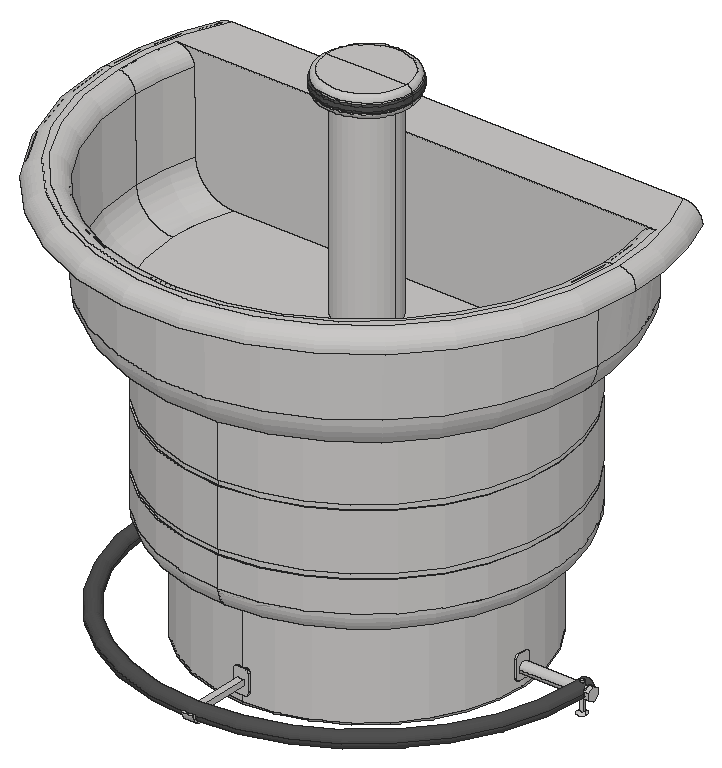
Revit family "Washfountain_Lavatory-Bradley_Corp-WF2703-Type_B_Drain", category Plumbing Fixtures, Revit 2012 (continued)
Automatic sketch dimensions
  curve 120 to curve 114 = 2.18152"
  curve 120 to curve 120 = 0.31998"  (x2)
  curve 10 to curve 115 = 3.69333"
  curve 120 to curve 120 = 0.39728"
  curve 114 to curve 112 = 4.76314"
  curve 118 to curve 118 = 0.17193"
  curve 120 to curve 114 = 0.46834"
  curve 121 to curve 115 = 2.89842"
  curve 115 to curve 115 = 1.000"
  curve 10 to curve 114 = 13.12502"
  curve 10 to curve 110 = 14.62567"
  curve 10 to curve 110 = 15.313"
  curve 10 to curve 113 = 15.313"
  curve 108 to curve 109 = 0.000"
  curve 123 to curve 122 = 0.000"
  curve 129 to curve 122 = 0.000"
  curve 130 to curve 122 = 0.000"
  curve 124 to curve 122 = 0.000"
  curve 123 to curve 122 = 2.56458"
  curve 122 to curve 129 = 1.000"
  curve 122 to curve 134 = 1.000"
  curve 122 to curve 133 = 1.000"
  curve 132 to curve 122 = 1.000"
  curve 131 to curve 132 = 0.000"
  curve 130 to curve 122 = 0.99987"
  curve 122 to curve 127 = 2.56458"
  curve 122 to curve 130 = 1.0786"
  curve 128 to curve 127 = 0.500"
  curve 122 to curve 126 = 14.12567"
  curve 126 to curve 125 = 0.500"
  curve 132 to curve 132 = 0.68733"
  curve 125 to curve 124 = 0.68733"
  curve 125 to curve 123 = 0.68733"
  curve 133 to curve 133 = 0.68733"
  curve 135 to curve 136 = 0.000"
  curve 96 to curve 136 = 1.37502"
  curve 96 to curve 136 = 6.02868"
  curve 84 to curve 136 = 6.02868"
  curve 93 to curve 98 = 0.9785"
  curve 93 to curve 103 = 1.17006"
  curve 103 to curve 103 = 0.55422"  (x2)
  curve 103 to curve 136 = 0.29642"
  curve 103 to curve 103 = 0.10867"
  curve 103 to curve 96 = 0.36284"
  curve 101 to curve 93 = 0.43861"
  curve 101 to curve 100 = 0.10867"
  curve 101 to curve 136 = 0.30441"
  curve 136 to curve 102 = 0.24981"
  curve 102 to curve 135 = 0.75019"
  curve 136 to curve 83 = 1.000"
  curve 135 to curve 94 = 0.41987"
  curve 83 to curve 92 = 1.93542"
  curve 92 to curve 91 = 0.12917"
  curve 90 to curve 136 = 1.41987"
  curve 83 to curve 136 = 1.000"
  curve 90 to curve 135 = 0.420"
  curve 105 to curve 136 = 0.35848"
  curve 105 to curve 106 = 0.10867"
  curve 136 to curve 105 = 0.30441"
  curve 136 to curve 86 = 0.52868"
  curve 88 to curve 105 = 0.32994"
  curve 136 to curve 99 = 1.50718"
  curve 104 to curve 97 = 2.42006"
  curve 97 to curve 107 = 0.4715"
  curve 107 to curve 107 = 0.55422"  (x2)
  curve 107 to curve 107 = 0.10867"
  curve 97 to curve 87 = 2.750"
  curve 136 to curve 105 = 0.29642"
  curve 103 to curve 103 = 0.04026"
  curve 105 to curve 105 = 0.04026"
  curve 106 to curve 97 = 1.0786"
  curve 93 to curve 98 = 2.602"
  curve 136 to curve 99 = 3.97702"
  curve 98 to curve 98 = 1.000"
  curve 99 to curve 99 = 1.000"
  curve 136 to curve 96 = 13.12502"
  curve 136 to curve 97 = 13.12502"
  curve 136 to curve 95 = 14.62567"
  curve 136 to curve 88 = 14.62567"
  curve 136 to curve 86 = 15.313"
  Extrusion 21 sketch curve to Extrusion 21 sketch curve = 0.000"  (x6)
  Extrusion 21 sketch curve to plane 12 = 0.000"  (x3)
  plane 3 "Center (Left/Right)" to Extrusion 21 sketch curve = 5.750"
  Extrusion 21 sketch curve to Extrusion 21 sketch curve = 0.87229"
  Extrusion 21 sketch curve to Extrusion 21 sketch curve = 0.25708"  (x5)
  Extrusion 21 sketch curve to Extrusion 21 sketch curve = 0.62063"  (x5)
  plane 12 to Extrusion 21 sketch curve = 0.62063"  (x2)
  Extrusion 21 sketch curve to plane 12 = 0.62063"  (x2)
  Extrusion 22 sketch curve to plane 12 = 0.000"
  plane 3 "Center (Left/Right)" to Extrusion 22 sketch curve = 4.000"
  profile plane to Sweep 23 sketch curve = 0.500"
  profile plane to Sweep 23 sketch curve = 1.42499"
  Extrusion 24 sketch curve to plane 12 = 0.42481"
  Extrusion 24 sketch curve to plane 12 = 0.05332"
  Extrusion 24 sketch curve to plane 12 = 0.05331"
  plane 12 to Extrusion 24 sketch curve = 0.31819"
  level to Extrusion 24 sketch curve = 0.99603"
  Extrusion 24 sketch curve to Extrusion 24 sketch curve = 0.21448"  (x2)
  Extrusion 24 sketch curve to Extrusion 24 sketch curve = 0.42897"  (x2)
  Extrusion 24 sketch curve to Extrusion 24 sketch curve = 0.21449"
  Extrusion 25 sketch curve to plane 12 = 0.42481"
  Extrusion 25 sketch curve to plane 12 = 0.05332"
  Extrusion 25 sketch curve to plane 12 = 0.05331"
  plane 12 to Extrusion 25 sketch curve = 0.31819"
  level to Extrusion 25 sketch curve = 0.99603"
  Extrusion 25 sketch curve to Extrusion 25 sketch curve = 0.21448"  (x2)
  Extrusion 25 sketch curve to Extrusion 25 sketch curve = 0.42897"  (x2)
  Extrusion 25 sketch curve to Extrusion 25 sketch curve = 0.21449"
  Extrusion 26 sketch curve to plane 12 = 0.05331"
  level to Extrusion 26 sketch curve = 1.425"
  Extrusion 27 sketch curve to plane 12 = 0.05331"
  level to Extrusion 27 sketch curve = 1.42499"
  Extrusion 28 sketch curve to plane 12 = 0.000"  (x2)
  plane 4 "Left" to Extrusion 28 sketch curve = 3.42187"
  Extrusion 28 sketch curve to plane 5 "Right" = 3.42187"
  Blend 29 sketch curve to plane 12 = 0.000"  (x2)
  plane 4 "Left" to Blend 29 sketch curve = 3.42187"  (x2)
  Blend 30 sketch curve to plane 12 = 0.000"  (x2)
  Blend 30 sketch curve to plane 5 "Right" = 3.42187"  (x2)
  Masking region 27 sketch curve to curve 163 = 1.9244"
  Masking region 27 sketch curve to curve 163 = 13.00846"
  curve 163 to Masking region 27 sketch curve = 1.100"
  Masking region 27 sketch curve to Masking region 27 sketch curve = 0.80046"
  Masking region 27 sketch curve to curve 163 = 0.92558"
  curve 163 to Masking region 27 sketch curve = 13.00846"
  Extrusion 31 sketch curve to plane 12 = 0.55331"
  Extrusion 31 sketch curve to plane 12 = 0.30331"  (x2)
  plane 12 to Extrusion 31 sketch curve = 0.19669"  (x2)
  Extrusion 31 sketch curve to Extrusion 31 sketch curve = 0.250"
  level to Extrusion 31 sketch curve = 0.671"
  Extrusion 31 sketch curve to Extrusion 31 sketch curve = 1.125"
  Extrusion 32 sketch curve to plane 12 = 0.55331"
  Extrusion 32 sketch curve to plane 12 = 0.30331"
  Extrusion 32 sketch curve to Extrusion 32 sketch curve = 0.250"  (x2)
  plane 12 to Extrusion 32 sketch curve = 0.19669"  (x2)
  level to Extrusion 32 sketch curve = 0.671"
  Extrusion 32 sketch curve to Extrusion 32 sketch curve = 1.125"
  Masking region 28 sketch curve to Masking region 28 sketch curve = 0.000"  (x12)
  Masking region 28 sketch curve to level = 0.000"  (x2)
  plane 4 "Left" to Masking region 28 sketch curve = 2.67187"
  Masking region 28 sketch curve to Masking region 28 sketch curve = 0.3125"  (x2)
  Masking region 28 sketch curve to Masking region 28 sketch curve = 0.1105"
  Masking region 28 sketch curve to Masking region 28 sketch curve = 0.1734"
  Masking region 28 sketch curve to Masking region 28 sketch curve = 0.17342"
  Masking region 28 sketch curve to Masking region 28 sketch curve = 0.14408"
  Masking region 28 sketch curve to Masking region 28 sketch curve = 0.207"  (x5)
  Masking region 28 sketch curve to Masking region 28 sketch curve = 0.18967"
  Masking region 28 sketch curve to Masking region 28 sketch curve = 0.240"  (x4)
  Masking region 28 sketch curve to Masking region 28 sketch curve = 3.84177"
  Masking region 28 sketch curve to Masking region 28 sketch curve = 0.125"  (x2)
  level to Masking region 28 sketch curve = 2.296"
  Masking region 28 sketch curve to plane 5 "Right" = 7.50863"
  Masking region 28 sketch curve to Masking region 28 sketch curve = 3.63477"
  Masking region 28 sketch curve to Masking region 28 sketch curve = 0.05033"
  level to Masking region 28 sketch curve = 0.1445"  (x4)
  Masking region 28 sketch curve to Masking region 28 sketch curve = 0.14409"  (x2)
  Masking region 28 sketch curve to Masking region 28 sketch curve = 0.20127"  (x2)
  Masking region 28 sketch curve to Masking region 28 sketch curve = 0.33574"
  level to Masking region 28 sketch curve = 0.671"  (x2)
  Masking region 28 sketch curve to Masking region 28 sketch curve = 0.78363"  (x2)
  Masking region 28 sketch curve to Masking region 28 sketch curve = 0.03488"  (x2)
  Masking region 28 sketch curve to Masking region 28 sketch curve = 0.03303"  (x2)
  Masking region 28 sketch curve to Masking region 28 sketch curve = 0.05746"
  Masking region 28 sketch curve to Masking region 28 sketch curve = 0.05747"  (x2)
  Masking region 28 sketch curve to Masking region 28 sketch curve = 0.05748"
  Masking region 28 sketch curve to Masking region 28 sketch curve = 0.09048"
  Masking region 28 sketch curve to Masking region 28 sketch curve = 0.09049"
  Masking region 28 sketch curve to Masking region 28 sketch curve = 0.07813"
  Masking region 28 sketch curve to Masking region 28 sketch curve = 0.11301"
  Masking region 28 sketch curve to Masking region 28 sketch curve = 1.625"
  level to Masking region 29 sketch curve = 1.9244"
  plane 14 "Front" to Masking region 29 sketch curve = 3.82788"
  plane 12 to Masking region 29 sketch curve = 0.500"
  Masking region 29 sketch curve to Masking region 29 sketch curve = 0.49941"
  Extrusion 33 sketch curve to Extrusion 33 sketch curve = 0.000"  (x4)
  level to Extrusion 33 sketch curve = 1.42499"
  plane 14 "Front" to Extrusion 33 sketch curve = 3.22848"
  Extrusion 33 sketch curve to Extrusion 33 sketch curve = 0.050"
  Extrusion 33 sketch curve to Extrusion 33 sketch curve = 0.49941"
  Extrusion 33 sketch curve to Extrusion 33 sketch curve = 0.45761"
  level to Extrusion 34 sketch curve = 1.42499"
  plane 14 "Front" to Extrusion 34 sketch curve = 3.82788"
  Extrusion 34 sketch curve to Extrusion 34 sketch curve = 0.56506"
  Extrusion 34 sketch curve to Extrusion 34 sketch curve = 0.000"
  level to Extrusion 34 sketch curve = 1.62499"
  Extrusion 34 sketch curve to Extrusion 34 sketch curve = 3.32401"
  Masking region 32 sketch curve to plane 1 "Center (Front/Back)" = 0.000"
  Masking region 32 sketch curve to plane 5 "Right" = 1.41931"
  curve 13 to curve 172 = 0.000"  (x2)
  curve 172 to curve 175 = 2.64121"
  plane 1 "Center (Front/Back)" to curve 174 = 3.4965"
  plane 12 to curve 174 = 2.14004"
  curve 174 to curve 174 = 2.64121"
  plane 12 to curve 172 = 2.14004"
  curve 149 to plane 12 = 0.000"
  curve 149 to plane 3 "Center (Left/Right)" = 0.000"
  plane 12 to curve 150 = 0.500"
  plane 12 to curve 151 = 0.500"
  plane 12 to Masking region 33 sketch curve = 1.13814"  (x2)
  plane 12 to Masking region 33 sketch curve = 3.13814"
  Masking region 33 sketch curve to Masking region 33 sketch curve = 3.4641"  (x2)
  Masking region 33 sketch curve to Masking region 33 sketch curve = 0.06458"  (x2)
  plane 3 "Center (Left/Right)" to Masking region 33 sketch curve = 3.52868"
  plane 3 "Center (Left/Right)" to Masking region 33 sketch curve = 0.06458"
  Masking region 33 sketch curve to plane 3 "Center (Left/Right)" = 0.06458"
  Masking region 33 sketch curve to plane 3 "Center (Left/Right)" = 5.500"
  plane 12 to Masking region 33 sketch curve = 3.250"
  Masking region 33 sketch curve to Masking region 33 sketch curve = 0.11186"
  Masking region 33 sketch curve to Masking region 33 sketch curve = 2.000"
  plane 12 to curve 183 = 2.26314"
  plane 3 "Center (Left/Right)" to curve 183 = 7.08013"
  curve 183 to curve 182 = 1.51554"
  plane 3 "Center (Left/Right)" to curve 183 = 1.58013"
  plane 3 "Center (Left/Right)" to curve 182 = 0.06458"
  curve 181 to plane 3 "Center (Left/Right)" = 0.06458"
  curve 180 to plane 3 "Center (Left/Right)" = 1.58013"
  curve 181 to plane 3 "Center (Left/Right)" = 5.56458"
  plane 12 to curve 180 = 2.26314"
  curve 181 to curve 180 = 1.51554"
  curve 181 to curve 180 = 0.875"  (x2)
  curve 182 to curve 183 = 0.875"  (x2)
  curve 182 to plane 12 = 6.38814"
  curve 181 to curve 182 = 0.000"
  Masking region 34 sketch curve to plane 12 = 0.000"
  Masking region 34 sketch curve to plane 3 "Center (Left/Right)" = 0.000"
  plane 12 to Masking region 34 sketch curve = 2.250"
  plane 3 "Center (Left/Right)" to Masking region 34 sketch curve = 6.20569"
  plane 4 "Left" to curve 150 = 2.99154"
  curve 13 to curve 176 = 0.000"  (x2)
  curve 174 to curve 177 = 0.000"  (x2)
  curve 175 to curve 178 = 0.000"  (x2)
  curve 178 to curve 178 = 0.75958"
  curve 178 to curve 176 = 0.03579"
  curve 174 to curve 176 = 0.78132"
  curve 179 to curve 175 = 0.78315"
  curve 176 to curve 178 = 0.17716"
  curve 186 to plane 12 = 0.000"
  curve 186 to plane 3 "Center (Left/Right)" = 0.000"
  curve 187 to curve 186 = 4.15684"
  curve 185 to curve 185 = 2.250"
  curve 187 to curve 186 = 2.250"
  curve 7 to curve 44 = 1.00047"
  curve 44 to curve 7 = 3.13971"
  curve 45 to curve 44 = 0.000"  (x2)
  curve 44 to curve 46 = 0.1567"
  curve 46 to curve 47 = 0.05262"
  curve 47 to curve 48 = 0.05262"
  curve 48 to curve 49 = 0.06777"
  curve 7 to curve 49 = 2.810"
  curve 49 to curve 48 = 0.06777"
  curve 48 to curve 47 = 0.05262"
  curve 47 to curve 46 = 0.05262"
  curve 46 to curve 44 = 0.1567"
  curve 46 to curve 44 = 0.64189"
  curve 47 to curve 46 = 1.250"
  curve 48 to curve 47 = 1.250"
  curve 49 to curve 48 = 1.250"
  curve 7 to curve 45 = 0.37529"
  Extrusion 38 sketch curve to plane 3 "Center (Left/Right)" = 0.500"
  Extrusion 38 sketch curve to plane 3 "Center (Left/Right)" = 0.250"  (x2)
  plane 3 "Center (Left/Right)" to Extrusion 38 sketch curve = 0.250"  (x2)
  Extrusion 38 sketch curve to Extrusion 38 sketch curve = 0.250"
  level to Extrusion 38 sketch curve = 0.671"
  Extrusion 38 sketch curve to Extrusion 38 sketch curve = 1.125"
  Masking region 30 sketch curve to Masking region 30 sketch curve = 0.000"  (x6)
  Masking region 30 sketch curve to level = 0.000"
  plane 14 "Front" to Masking region 30 sketch curve = 3.22848"
  Masking region 30 sketch curve to Masking region 30 sketch curve = 0.050"
  Masking region 30 sketch curve to Masking region 30 sketch curve = 0.49941"
  level to Masking region 30 sketch curve = 0.92558"  (x2)
  Masking region 30 sketch curve to Masking region 30 sketch curve = 3.55758"
  Masking region 30 sketch curve to Masking region 30 sketch curve = 0.125"  (x2)
  Masking region 30 sketch curve to plane 12 = 0.55349"
  Masking region 30 sketch curve to plane 12 = 0.55331"
  Masking region 30 sketch curve to Masking region 30 sketch curve = 0.1285"
  Masking region 30 sketch curve to plane 12 = 0.32637"
  Masking region 30 sketch curve to plane 12 = 0.30331"
  Masking region 30 sketch curve to plane 12 = 0.30215"
  Masking region 30 sketch curve to plane 12 = 0.120"
  Masking region 30 sketch curve to plane 12 = 0.05332"
  Masking region 30 sketch curve to plane 12 = 0.05331"
  plane 12 to Masking region 30 sketch curve = 0.120"
  plane 12 to Masking region 30 sketch curve = 0.19559"
  plane 12 to Masking region 30 sketch curve = 0.19669"
  Masking region 30 sketch curve to Masking region 30 sketch curve = 0.1226"
  Masking region 30 sketch curve to Masking region 30 sketch curve = 0.20637"
  Masking region 30 sketch curve to Masking region 30 sketch curve = 0.250"
  Masking region 30 sketch curve to Masking region 30 sketch curve = 0.25134"
  level to Masking region 30 sketch curve = 0.1445"  (x2)
  Masking region 30 sketch curve to Masking region 30 sketch curve = 0.25458"
  Masking region 30 sketch curve to Masking region 30 sketch curve = 0.5265"
  Masking region 30 sketch curve to Masking region 30 sketch curve = 0.25136"
  Masking region 30 sketch curve to Masking region 30 sketch curve = 0.07367"
  Masking region 30 sketch curve to Masking region 30 sketch curve = 0.28493"  (x2)
  Masking region 30 sketch curve to Masking region 30 sketch curve = 0.42897"  (x2)
  Masking region 30 sketch curve to Masking region 30 sketch curve = 0.21449"
  Masking region 30 sketch curve to Masking region 30 sketch curve = 0.99881"
  Masking region 30 sketch curve to Masking region 30 sketch curve = 0.28491"
  Masking region 30 sketch curve to Masking region 30 sketch curve = 0.1216"
  Masking region 30 sketch curve to Masking region 30 sketch curve = 0.3716"
  curve 163 to Masking region 31 sketch curve = 1.000"
  Masking region 31 sketch curve to Masking region 31 sketch curve = 0.00039"
  Masking region 31 sketch curve to Masking region 31 sketch curve = 0.09961"
  Masking region 31 sketch curve to Masking region 31 sketch curve = 0.250"  (x2)
  Masking region 31 sketch curve to Masking region 31 sketch curve = 0.49837"
  Masking region 31 sketch curve to Masking region 31 sketch curve = 0.500"
  Masking region 31 sketch curve to Masking region 31 sketch curve = 0.09932"
  Masking region 31 sketch curve to curve 163 = 0.67509"
  Masking region 31 sketch curve to Masking region 31 sketch curve = 0.54936"
  Masking region 31 sketch curve to Masking region 31 sketch curve = 0.44941"
  Masking region 31 sketch curve to Masking region 31 sketch curve = 0.1216"
  Masking region 31 sketch curve to Masking region 31 sketch curve = 0.000"
  Masking region 31 sketch curve to Masking region 31 sketch curve = 0.15088"
  Masking region 31 sketch curve to Masking region 31 sketch curve = 0.09954"
  curve 163 to curve 192 = 1.100"
  curve 191 to curve 191 = 0.80046"
  curve 190 to curve 163 = 0.82558"
  curve 191 to curve 192 = 0.100"
  curve 190 to curve 190 = 0.100"
  Extrusion 37 sketch curve to curve 7 = 1.500"
  Extrusion 37 sketch curve to curve 7 = 0.500"
  Extrusion 37 sketch curve to curve 7 = 32.304"
  Extrusion 37 sketch curve to curve 7 = 30.304"
  Split face 3 sketch curve to cut or joined group of Revolve 11, Extrusion 13 = 0.000"  (x3)
  Revolve 39 sketch curve to curve 7 = 0.000"
  Revolve 39 sketch curve to Revolve 39 sketch curve = 0.000"
  Revolve 39 sketch curve to curve 7 = 3.13971"
  Revolve 39 sketch curve to Revolve 39 sketch curve = 0.06598"
  Revolve 39 sketch curve to Revolve 39 sketch curve = 2.30326"
  Revolve 39 sketch curve to Revolve 39 sketch curve = 2.94627"
  Extrusion 40 sketch curve to curve 7 = 0.000"
  Extrusion 40 sketch curve to curve 7 = 3.20569"
  Extrusion 40 sketch curve to Extrusion 40 sketch curve = 0.06598"  (x2)
  curve 7 to Extrusion 40 sketch curve = 3.13971"
  curve 6 to Masking region 37 sketch curve = 1.57537"
  Masking region 37 sketch curve to Masking region 37 sketch curve = 0.400"
  Masking region 37 sketch curve to curve 6 = 1.79013"
  curve 6 to Masking region 37 sketch curve = 0.79013"
  Masking region 38 sketch curve to curve 6 = 1.54013"
  Masking region 38 sketch curve to Masking region 38 sketch curve = 0.500"
  plane 4 "Left" to curve 165 = 2.67187"
  curve 166 to curve 165 = 0.000"
  curve 166 to curve 164 = 0.3125"
  level to curve 167 = 0.1445"
  curve 164 to curve 167 = 0.3175"
  curve 167 to curve 167 = 0.240"
  curve 167 to curve 164 = 0.909"
  curve 164 to curve 166 = 0.15701"
  curve 166 to curve 165 = 0.42897"
  curve 165 to curve 164 = 0.15701"
  level to curve 171 = 0.1445"
  curve 171 to plane 5 "Right" = 3.54187"
  curve 171 to curve 171 = 0.240"
  curve 171 to curve 169 = 0.34536"
  curve 168 to curve 168 = 0.33574"
  curve 170 to curve 170 = 0.33574"
  curve 171 to curve 169 = 0.90899"
  curve 169 to curve 170 = 0.15702"
  curve 170 to curve 168 = 0.42897"
  curve 168 to curve 169 = 0.15701"
  Sweep 1 sketch curve to Sweep 1 sketch curve = 0.000"  (x8)
  Sweep 1 sketch curve to profile plane = 0.000"  (x2)
  profile plane to Sweep 1 sketch curve = 0.00001"
  Sweep 1 sketch curve to profile plane = 0.11999"
  Sweep 1 sketch curve to profile plane = 1.12499"
  Sweep 1 sketch curve to Sweep 1 sketch curve = 0.410"
  profile plane to Sweep 1 sketch curve = 0.00011"
  Sweep 1 sketch curve to Sweep 1 sketch curve = 1.005"
  Sweep 1 sketch curve to profile plane = 2.58748"
  Sweep 1 sketch curve to profile plane = 1.125"
  Sweep 1 sketch curve to Sweep 1 sketch curve = 0.11996"
  Sweep 1 sketch curve to Sweep 1 sketch curve = 2.49334"
  Sweep 1 sketch curve to Sweep 1 sketch curve = 11.13252"
  Sweep 1 sketch curve to Sweep 1 sketch curve = 0.120"
  Sweep 1 sketch curve to Sweep 1 sketch curve = 2.31283"
  Sweep 1 sketch curve to Sweep 1 sketch curve = 0.00025"
  Sweep 1 sketch curve to Sweep 1 sketch curve = 0.00011"
  Sweep 3 sketch curve to profile plane = 0.000"  (x2)
  Sweep 3 sketch curve to profile plane = 0.120"  (x2)
  Sweep 3 sketch curve to Sweep 3 sketch curve = 2.41999"
  Sweep 3 sketch curve to Sweep 3 sketch curve = 0.120"  (x2)
  Sweep 3 sketch curve to Sweep 3 sketch curve = 13.67331"
  Sweep 3 sketch curve to Sweep 3 sketch curve = 1.005"
  Masking region 18 sketch curve to plane 1 "Center (Front/Back)" = 0.000"
  plane 14 "Front" to Masking region 18 sketch curve = 2.540"
  Masking region 18 sketch curve to plane 10 "Rim Height" = 1.125"
  plane 14 "Front" to Masking region 18 sketch curve = 0.00001"
  Masking region 17 sketch curve to plane 14 "Front" = 0.000"
  Masking region 17 sketch curve to plane 1 "Center (Front/Back)" = 0.000"
  plane 14 "Front" to Masking region 17 sketch curve = 1.125"
  plane 14 "Front" to Masking region 17 sketch curve = 2.58749"
  Masking region 17 sketch curve to Masking region 17 sketch curve = 1.415"
  Masking region 17 sketch curve to Masking region 17 sketch curve = 2.61331"
  plane 11 "Pedestal Height" to Masking region 17 sketch curve = 2.43283"
  Masking region 13 sketch curve to plane 4 "Left" = 0.000"
  Masking region 13 sketch curve to plane 10 "Rim Height" = 0.000"  (x2)
  Masking region 13 sketch curve to plane 11 "Pedestal Height" = 0.000"
  Masking region 13 sketch curve to plane 5 "Right" = 0.000"
  plane 10 "Rim Height" to Masking region 13 sketch curve = 0.00019"
  plane 4 "Left" to Masking region 13 sketch curve = 1.125"
  Masking region 13 sketch curve to Masking region 13 sketch curve = 1.125"
  Masking region 13 sketch curve to Masking region 13 sketch curve = 1.415"  (x2)
  plane 4 "Left" to Masking region 13 sketch curve = 2.58749"
  Masking region 13 sketch curve to Masking region 13 sketch curve = 2.61331"
  Masking region 13 sketch curve to plane 5 "Right" = 5.20079"
  Masking region 13 sketch curve to plane 5 "Right" = 2.58749"
  Masking region 13 sketch curve to plane 10 "Rim Height" = 1.125"
  Masking region 13 sketch curve to Masking region 13 sketch curve = 0.000"
  plane 11 "Pedestal Height" to Masking region 13 sketch curve = 2.43283"  (x2)
  Masking region 14 sketch curve to plane 4 "Left" = 0.000"
  Masking region 14 sketch curve to plane 11 "Pedestal Height" = 0.000"
  Masking region 14 sketch curve to plane 5 "Right" = 0.000"
  Masking region 14 sketch curve to plane 10 "Rim Height" = 0.000"
  plane 4 "Left" to Masking region 14 sketch curve = 2.25999"
  Masking region 14 sketch curve to plane 10 "Rim Height" = 1.125"  (x2)
  Masking region 14 sketch curve to Masking region 14 sketch curve = 2.25999"
  Extrusion 43 sketch curve to Extrusion 43 sketch curve = 0.000"  (x2)
  Extrusion 43 sketch curve to plane 3 "Center (Left/Right)" = 0.000"
  plane 12 to Extrusion 43 sketch curve = 4.2007"
  Extrusion 43 sketch curve to plane 5 "Right" = 2.97042"
  Extrusion 43 sketch curve to plane 1 "Center (Front/Back)" = 0.000"
  Extrusion 43 sketch curve to plane 5 "Right" = 4.43821"
  plane 4 "Left" to Extrusion 43 sketch curve = 4.43821"
  plane 4 "Left" to Extrusion 44 sketch curve = 1.65758"
  Sweep 45 sketch curve to profile plane = 0.05999"
  Sweep 45 sketch curve to profile plane = 0.060"
  Sweep 45 sketch curve to profile plane = 1.12499"
  Sweep 45 sketch curve to Sweep 45 sketch curve = 0.000"  (x2)
  Sweep 45 sketch curve to profile plane = 0.06025"
  Sweep 45 sketch curve to Sweep 45 sketch curve = 0.410"
  Sweep 45 sketch curve to Sweep 45 sketch curve = 1.065"
  Sweep 45 sketch curve to profile plane = 2.64746"
  Sweep 45 sketch curve to Sweep 45 sketch curve = 2.55332"
  Sweep 45 sketch curve to Sweep 45 sketch curve = 0.5792"
  Sweep 45 sketch curve to Sweep 45 sketch curve = 0.00025"
  Sweep 45 sketch curve to Sweep 45 sketch curve = 5.25501"
  Sweep 45 sketch curve to Sweep 45 sketch curve = 0.18475"
  Sweep 45 sketch curve to Sweep 45 sketch curve = 0.060"
  Sweep 45 sketch curve to Sweep 45 sketch curve = 0.00036"
  Extrusion 44 sketch curve to plane 1 "Center (Front/Back)" = 0.000"
  plane 3 "Center (Left/Right)" to Extrusion 44 sketch curve = 1.500"
  Extrusion 44 sketch curve to Extrusion 44 sketch curve = 1.48834"  (x2)
  Extrusion 44 sketch curve to plane 5 "Right" = 3.14592"
  Extrusion 44 sketch curve to plane 12 = 0.0533"
  Extrusion 44 sketch curve to plane 3 "Center (Left/Right)" = 1.500"
  curve 66 to level = 0.000"
  curve 66 to plane 3 "Center (Left/Right)" = 0.000"
  plane 3 "Center (Left/Right)" to curve 162 = 0.400"
  plane 3 "Center (Left/Right)" to curve 70 = 1.023"
  curve 69 to curve 162 = 1.635"
  curve 26 to plane 5 "Right" = 7.72264"
  curve 25 to curve 26 = 0.21401"
  curve 30 to plane 5 "Right" = 5.52592"
  curve 27 to curve 25 = 1.98272"
  curve 32 to curve 30 = 0.000"
  curve 29 to curve 27 = 0.000"
  curve 31 to curve 32 = 0.000"  (x2)
  curve 28 to curve 29 = 0.000"  (x2)
  curve 33 to plane 5 "Right" = 2.25999"
  curve 162 to plane 3 "Center (Left/Right)" = 0.40046"
  curve 68 to plane 3 "Center (Left/Right)" = 1.023"
  curve 162 to curve 67 = 1.63454"
  plane 4 "Left" to curve 26 = 7.72264"
  curve 26 to curve 25 = 0.21401"
  plane 4 "Left" to curve 32 = 5.52592"
  curve 30 to curve 32 = 0.000"
  curve 29 to curve 30 = 0.000"
  curve 27 to curve 28 = 0.000"
  plane 4 "Left" to curve 33 = 2.25999"
  level to curve 162 = 0.92558"
  level to curve 69 = 1.069"
  level to curve 67 = 1.069"
  curve 69 to curve 70 = 4.007"
  curve 68 to curve 70 = 0.000"
  curve 26 to curve 27 = 3.92692"
  curve 26 to curve 25 = 0.31292"
  curve 28 to curve 29 = 0.1875"
  curve 31 to curve 32 = 0.1875"
  curve 71 to level = 0.000"
  curve 71 to plane 12 = 0.000"
  curve 19 to plane 1 "Center (Front/Back)" = 0.000"
  curve 18 to plane 1 "Center (Front/Back)" = 0.000"
  curve 23 to plane 1 "Center (Front/Back)" = 0.000"
  curve 24 to plane 1 "Center (Front/Back)" = 0.000"
  curve 20 to plane 1 "Center (Front/Back)" = 0.000"
  curve 22 to plane 1 "Center (Front/Back)" = 0.000"
  curve 21 to plane 1 "Center (Front/Back)" = 0.000"
  curve 17 to plane 1 "Center (Front/Back)" = 0.000"
  curve 16 to plane 1 "Center (Front/Back)" = 0.000"
  curve 156 to plane 12 = 0.05331"
  curve 161 to plane 12 = 0.120"
  curve 157 to plane 12 = 0.120"
  curve 155 to plane 12 = 0.120"
  curve 75 to plane 12 = 0.96986"
  curve 74 to curve 161 = 1.86186"
  plane 14 "Front" to curve 23 = 8.05596"
  curve 22 to curve 23 = 0.21401"
  plane 14 "Front" to curve 16 = 5.86393"
  curve 17 to curve 16 = 0.000"
  curve 18 to curve 16 = 0.000"
  curve 21 to curve 17 = 0.0047"
  curve 19 to curve 21 = 0.000"
  curve 20 to curve 21 = 0.000"
  plane 14 "Front" to curve 24 = 2.53001"
  plane 12 to curve 157 = 0.120"
  plane 12 to curve 160 = 0.120"
  plane 12 to curve 155 = 0.120"
  plane 12 to curve 73 = 0.96986"
  curve 160 to curve 72 = 1.86186"
  level to curve 155 = 0.1445"
  curve 155 to curve 160 = 0.52704"
  curve 161 to curve 160 = 0.000"  (x2)
  curve 160 to curve 160 = 0.25404"
  level to curve 72 = 1.069"
  level to curve 74 = 1.069"
  curve 161 to curve 156 = 0.49942"
  curve 156 to curve 158 = 0.4994"
  curve 159 to curve 158 = 0.000"
  curve 158 to curve 157 = 0.07559"
  curve 157 to curve 75 = 3.07601"
  curve 73 to curve 75 = 0.000"
  curve 73 to curve 71 = 0.96995"
  curve 23 to curve 22 = 0.31292"
  curve 22 to curve 20 = 3.614"
  curve 20 to curve 21 = 0.1875"
  curve 21 to curve 19 = 0.1875"
  curve 19 to curve 17 = 3.8125"
  curve 17 to curve 18 = 0.1875"
  curve 18 to curve 16 = 0.1875"
  curve 5 to plane 12 = 0.000"
  curve 6 to plane 3 "Center (Left/Right)" = 0.000"
  plane 3 "Center (Left/Right)" to curve 195 = 1.500"
  plane 3 "Center (Left/Right)" to curve 5 = 3.000"
  curve 195 to plane 3 "Center (Left/Right)" = 1.500"
  curve 5 to plane 3 "Center (Left/Right)" = 3.000"
  plane 12 to curve 6 = 3.000"
  curve 6 to plane 12 = 3.000"
  curve 195 to plane 14 "Front" = 1.500"
  curve 43 to curve 5 = 1.57537"
  curve 5 to curve 42 = 0.56538"
  curve 43 to curve 42 = 0.0755"
  curve 5 to curve 41 = 1.00013"
  curve 41 to curve 5 = 1.00013"
  curve 5 to curve 42 = 1.49987"
  curve 42 to curve 43 = 0.0755"
  curve 43 to curve 42 = 1.4495"
  curve 41 to curve 5 = 2.84038"
  curve 195 to curve 196 = 1.500"
  radius of curve 13 = 18.280"
  radius of curve 138 = 1.750"
  radius of curve 139 = 1.250"
  radius of curve 140 = 0.1842"
  radius of curve 141 = 0.1842"
  radius of curve 142 = 0.1842"
  radius of curve 143 = 0.1842"
  radius of curve 144 = 0.1842"
  radius of curve 145 = 0.1842"
  radius of curve 146 = 0.1842"
  radius of curve 147 = 0.1842"
  radius of curve 148 = 0.1842"
  radius of Extrusion 15 sketch curve = 2.000"
  radius of Extrusion 18 sketch curve = 2.000"
  radius of Extrusion 21 sketch curve = 0.1842"  (x9)
  radius of Extrusion 22 sketch curve = 1.750"
  radius of curve 137 to Extrusion 21 = 0.500"
  radius of Sweep 23 sketch curve = 0.49941"
  radius of Extrusion 26 sketch curve = 0.3715"
  radius of Extrusion 27 sketch curve = 0.3715"
  radius of Extrusion 28 sketch curve = 0.120"  (x2)
  radius of Blend 29 sketch curve = 0.120"
  radius of Blend 29 sketch curve = 0.327"
  radius of Blend 30 sketch curve = 0.120"
  radius of Blend 30 sketch curve = 0.327"
  radius of curve 184 = 2.000"
  radius of Masking region 35 sketch curve = 4.57537"
  radius of curve 188 = 3.750"
  radius of Masking region 36 sketch curve = 3.12487"
  radius of curve 189 = 2.750"
  radius of Extrusion 41 sketch curve = 0.500"
  radius of Extrusion 42 sketch curve = 0.250"
  radius of curve 193 to Extrusion 21 = 0.500"
  radius of curve 67 = 0.350"
  radius of curve 68 = 0.350"
  radius of curve 69 = 0.350"
  radius of curve 70 = 0.350"
  radius of curve 72 = 0.350"
  radius of curve 73 = 0.350"
  radius of curve 74 = 0.350"
  radius of curve 75 = 0.350"
  radius of curve 156 = 0.36122"
  radius of curve 196 = 0.500"
Connectors (in)
  piping at (-0.875, -6.5, 33.875), driven by "Hot Lavatory Inlet Radius", driven by "HWFU"
    settings: on Extrusion 35, index 1, connector radius 1/4", flow factor 0, pipe flow 0.0 GPM, pressure drop 0.0 psi, fitting loss kfactor 0, connector angle 0.00°, fixture units 0, engagement length 0.000", flow configuration 3, flow direction 1, fitting loss method 0, system type 19, joint type 0, gender type 0, connector reference index -1, connector utility 0, adjustable connector no, is connector primary yes, fitting loss table "", connector description "Hot Lavatory Inlet"
  piping at (0.875, -6.5, 33.875), driven by "Cold Lavatory Inlet Radius", driven by "CWFU"
    settings: on Extrusion 35, index 2, connector radius 1/4", flow factor 0, pipe flow 0.0 GPM, pressure drop 0.0 psi, fitting loss kfactor 0, connector angle 0.00°, fixture units 0, engagement length 0.000", flow configuration 3, flow direction 1, fitting loss method 0, system type 20, joint type 0, gender type 0, connector reference index -1, connector utility 0, adjustable connector no, is connector primary no, fitting loss table "", connector description "Cold Lavatory Inlet"
  piping at (-4, -7.75, 0), driven by "Drain Radius", driven by "WFU"
    settings: on Extrusion 36, index 3, connector radius 1", flow factor 0, pipe flow 0.0 GPM, pressure drop 0.0 psi, fitting loss kfactor 0, connector angle 0.00°, fixture units 0, engagement length 0.000", flow configuration 3, flow direction 2, fitting loss method 0, system type 16, joint type 0, gender type 0, connector reference index -1, connector utility 0, adjustable connector yes, is connector primary no, fitting loss table "", connector description "Drain"
  piping at (0, -7.6967, 33.875), driven by "Vent Radius", driven by "WFU"
    settings: on Extrusion 35, index 4, connector radius 3/4", flow factor 0, pipe flow 0.0 GPM, pressure drop 0.0 psi, fitting loss kfactor 0, connector angle 0.00°, fixture units 0, engagement length 0.000", flow configuration 3, flow direction 2, fitting loss method 0, system type 16, joint type 0, gender type 0, connector reference index -1, connector utility 0, adjustable connector yes, is connector primary no, fitting loss table "", connector description "Vent"
  electrical at (-4, 0, 11.071), driven by "Voltage"
    settings: on Extrusion 37, index 5, voltage 110 V, apparent load 0 VA, apparent load phase1 0 VA, apparent load phase2 0 VA, apparent load phase3 0 VA, power factor 1, load classification "Other", number of poles 1, system type 31, power factor state 1, is connector primary yes, connector utility no, sub classification motor no, connector description ""
